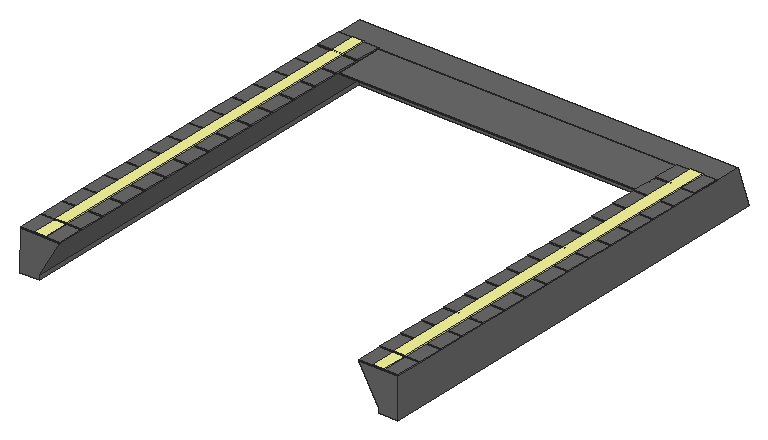
Revit family "Dock_Seal_Nova-Tech_FPH", category Generic Models, Revit 2017
Family settings
  Can host rebar = No
  Round Connector Dimension = Use Diameter
  Part Type = Normal
  OmniClass Number = 23.50.70.11
  OmniClass Title = Dock Bumpers/Seals
  Work Plane-Based = Yes
  Always vertical = No
  Cut with Voids When Loaded = No
  Shared = No
  Room Calculation Point = No
Parameters
  projectionabs [instance] = abs(Projection_Top - Projection_Bottom) / 0' 1"  # 0
  faceangle [instance] = if(Projection_Top > Projection_Bottom, atan(projectionabs / ((Unit Height + Header Height) / 0' 1")), -atan(projectionabs / ((Unit Height + Header Height) / 0' 1")))  # 0.00°
  Warranty Duration (Years) = 0
  Unit Width [instance] = (Opening Width + (Panel Width_Front * 2))  # 9' - 6"
  Unit Height [instance] = 10' - 0"
  Unit Depth [instance] = if(Projection_Top > Projection_Bottom, Projection_Top, Projection_Bottom)  # 1' - 0"
  URL = "http://www.novalocks.com/"
  Test Data = ""
  Specification = "http://arcat.com/arcatcos/cos43/arc43493.html?isac=1&r=2"
  SpecWizard = ""
  Send Message = "http://www.arcat.com/users.pl?action=UserEmail&company=Nova+Technology&coid=43493&rep=132&fax=262-502-1511&mf="
  Sales Information = "http://www.novalocks.com/general-contact-info/"
  Revision = "R1_02-2013"
  Pull Rope System for Drop Curtain [instance] = yes
  Projection_Top [instance] = 1' - 0"
  Projection_Bottom [instance] = 1' - 0"
  Product Properties = ""
  Product Data = "http://arcat.com/arcatcos/cos43/arc43493.html?isac=1&r=2"
  Pleat Sizing [instance] = Pleats : 8in Spacing
  Panel Width_Front [instance] = 1' - 0"
  Panel Width_Back [instance] = 0' - 6"
  Overall Height [instance] = Unit Height + Header Height  # 11' - 0"
  Opening Width Minimum = 6' - 6"
  Opening Width Maximum = 8' - 6"
  Opening Width [instance] = 7' - 6"
  Opening Height Minimum = 3' - 0"
  Opening Height Maximum = 12' - 0"
  Opening Height [instance] = Unit Height + Header Height  # 11' - 0"
  Model = "As Specified"
  Material = Polyethylene Sheeting - Black
  Manufacturer Website = "http://www.novalocks.com/"
  Manufacturer Phone - Toll Free = "800-236-7325"
  Manufacturer Phone = "262-502-1591"
  Manufacturer Fax = "262-502-1511"
  Manufacturer Address = "N90 W14507 Commerce Dr. Menomonee Falls, WI 53051"
  Manufacturer = "Nova Technology"
  Maintenance Schedule (Months) = 0
  Keynote = "11160"
  Installation-Fabrication = ""
  Installation Phase = ""
  Header Height [instance] = 1' - 0"
  Guide Color = Polyethylene Sheeting - Yellow
  Green Building-LEED = ""
  Full Length Guide Strip [instance] = yes
  Frame Thickness [instance] = 0' - 6"
  Flame Retardant Foam and Fabric [instance] = yes
  Expected Lifespan (Years) = 0
  Drop Curtain [instance] = yes
  Drawn By = "Sumex Design, Inc. / Robert S. Weygant, CSI, CDT, SCIP"
  Description = "Nova Technology Dock Seal as Specified"
  Default Elevation = 4' - 0"
  Curtain Drop [instance] = 1' - 3"
  Copyright = "©Arcat Inc."
  Construction Details = ""
  Building Codes = ""
  Assembly Code = "E1030300"
  Armor Pleats = yes
Reference planes (in)
  plane 1 "Base": y = 0
  plane 2 "Host": z = 0
  plane 3 "Center (Left/Right)": x = 0
  plane 4 "OH": y = 120
  plane 5 "Left": x = -45
  plane 6 "Right": x = 45
  plane 7 "Front": z = 12
  plane 8: x = -57
  plane 9: x = 57
  plane 10: x = -45
  plane 11: x = 45
  plane 12: y = 124
  plane 13: y = 126
  plane 14: y = 132
  plane 15: y = 105
  plane 16: z = 12
  plane 17: z = 12
  plane 18: x = -51
  plane 19: x = 51
Forms (in)
  Extrusion 1, void
    sketch origin (0, 0, 0) x (1, 0, 0) y (0, 0, 1)
      loop
        line (-51, 0) -> (-45, 0) -> (-45, 12) -> (-51, 1.43111) -> (-51, 0)
      loop
        line (51, 0) -> (51, 1.43111) -> (45, 12) -> (45, 0) -> (51, 0)
    from -120 to 0
  Extrusion 2, solid, material "Polyethylene Sheeting - Black" <- "Material"
    sketch origin (0, 0, 0) x (0, 1, 0) y (0, 0, 1)
      loop
        line (0, 0) -> (132, 0) -> (132, 12) -> (0, 12) -> (0, 0)
    from -57 to 57
  Extrusion 3, void
    sketch origin (0, 0, 0) x (0, 1, 0) y (0, 0, 1)
      loop
        line (120, 0) -> (120, 12) -> (0, 12) -> (0, 0) -> (120, 0)
    from -45 to 45
  Extrusion 4, solid, material "Polyethylene Sheeting - Black" <- "Material", visible <- "Drop Curtain"
    sketch origin (0, 0, 0) x (0, 1, 0) y (0, 0, 1)
      loop
        line (120, 12) -> (105, 12) -> (105, 11.80684) -> (120, 11.80684) -> (120, 12)
    from -45 to 45
  Extrusion 5, void
    sketch origin (0, 0, 0) x (0, 1, 0) y (0, 0, 1)
      loop
        line (132, 0) -> (132, 12) -> (128, 12) -> (132, 0)
    from -57 to 57
Cuts and joins
  Extrusion 1, Extrusion 3, Extrusion 5 cuts Extrusion 2
Lines and regions (in)
  reference lines
    curve 1: line (0, 0, 12) -> (0, 0, 15.45777)
Dimensions and locks (in)
  equal spacing: plane 5 "Left", plane 3 "Center (Left/Right)", plane 6 "Right"
  equal spacing: plane 8, plane 3 "Center (Left/Right)", plane 9
  "Opening Width": plane 5 "Left" to plane 6 "Right"
  "Unit Width": plane 8 to plane 9
  "Unit Height": plane 1 "Base" to plane 4 "OH"
  "Unit Depth": plane 7 "Front" to level
  locked: plane 13 to plane 12 at 2
  "Panel Width_Front": plane 8 to plane 10
  "Panel Width_Front": plane 11 to plane 9
  "Header Height": plane 14 to plane 4 "OH"
  locked: plane 12 to plane 4 "OH" at 4
  "Curtain Drop": plane 4 "OH" to plane 15
  "Projection_Top": plane 16 to level
  "Projection_Bottom": plane 17 to level
  "Panel Width_Back": Extrusion 1 sketch curve to plane 8
  locked: Extrusion 1 sketch curve to level at 1.43111  (x2)
  "Panel Width_Back": plane 9 to Extrusion 1 sketch curve
  locked: cut or joined group of Extrusion 1, Extrusion 2, Extrusion 3, Extrusion 5 to Extrusion 4 sketch curve at 0.19316
  locked: Extrusion 5 sketch curve to plane 14 at 4
  "Panel Width_Back": plane 8 to plane 18
  "Panel Width_Back": plane 19 to plane 9
  "faceangle": angle plane 4 "OH" to curve 1
  aligned and locked: plane 10 to Extrusion 1 sketch curve
  aligned and locked: plane 11 to Extrusion 1 sketch curve
  aligned and locked: plane 4 "OH" to Extrusion 1
  aligned and locked: plane 1 "Base" to Extrusion 1
  aligned and locked: plane 1 "Base" to Extrusion 2 sketch curve
  aligned and locked: Extrusion 2 sketch curve to level
  aligned and locked: plane 9 to Extrusion 2
  aligned and locked: plane 14 to Extrusion 2 sketch curve  (x2)
  aligned and locked: plane 16 to Extrusion 2 sketch curve
  aligned and locked: Extrusion 2 to plane 8
  aligned and locked: Extrusion 3 sketch curve to level
  aligned and locked: plane 4 "OH" to Extrusion 3 sketch curve
  aligned and locked: Extrusion 3 sketch curve to plane 7 "Front"
  aligned and locked: plane 1 "Base" to Extrusion 3 sketch curve
  aligned and locked: plane 11 to Extrusion 3
  aligned and locked: Extrusion 3 to plane 10
  aligned and locked: plane 9 to nested 2
  aligned and locked: plane 17 to Extrusion 2 sketch curve
  aligned and locked: plane 8 to nested 1
  aligned and locked: nested 1 to cut or joined group of Extrusion 1, Extrusion 2, Extrusion 3, Extrusion 5
  aligned and locked: plane 17 to curve 1
  aligned and locked: cut or joined group of Extrusion 1, Extrusion 2, Extrusion 3, Extrusion 5 to Extrusion 4 sketch curve
  aligned and locked: plane 4 "OH" to Extrusion 4 sketch curve
  aligned and locked: Extrusion 4 sketch curve to plane 15
  aligned and locked: plane 11 to Extrusion 4
  aligned and locked: Extrusion 4 to plane 10
  aligned and locked: Extrusion 5 sketch curve to plane 7 "Front"
  aligned and locked: plane 14 to Extrusion 5 sketch curve
  aligned and locked: plane 9 to Extrusion 5
  aligned and locked: Extrusion 5 to plane 8
  aligned and locked: plane 1 "Base" to curve 1
  aligned and locked: nested 2 to curve 1
  aligned and locked: nested 1 to curve 1
Automatic sketch dimensions
  Extrusion 1 sketch curve to level = 0' - 0"  (x2)
  Extrusion 1 sketch curve to plane 7 "Front" = 0' - 0"  (x2)
  Extrusion 5 sketch curve to level = 0' - 0"
Nested families (in)
  nested 1: "Pleats" at (-57, 0, 12), visible <- "Armor Pleats", Width <- "Panel Width_Front", Unit Height <- "Unit Height", Full Length Guide Strip <- "Full Length Guide Strip", type <- "Pleat Sizing", type "8in Spacing"
    with Width 1' - 0", Unit Height 10' - 0", Remainder 0' - 0", Pleatscount 13.9, Pleats 14, Last Pleat 0' - 8", Guide Strip Length 10' - 0", Full Length Guide Strip yes, Pleat Spacing 0' - 8"
  nested 2: "Pleats" at (57, 0, 12) x (-1, 0, 0) z (0, 0, 1), visible <- "Armor Pleats", Width <- "Panel Width_Front", Unit Height <- "Unit Height", Full Length Guide Strip <- "Full Length Guide Strip", type <- "Pleat Sizing", type "8in Spacing"
    with Width 1' - 0", Unit Height 10' - 0", Remainder 0' - 0", Pleatscount 13.9, Pleats 14, Last Pleat 0' - 8", Guide Strip Length 10' - 0", Full Length Guide Strip yes, Pleat Spacing 0' - 8"
Definition of nested family "Pleats"
  Parameters
    Width [instance] = 1' - 0"
    Unit Height [instance] = 10' - 0"
    Pleatscount [instance] = (Unit Height / Pleat Spacing) - 1.1  # 6.4
    Pleats [instance] = Pleatscount  # 6
    Pleat Spacing = 1' - 4"
    Material = none
    Remainder [instance] = Unit Height - ((Pleats + 1) * (Pleat Spacing / 0' 1")) * 0' 1"  # 0' - 8"
    Last Pleat [instance] = if(Remainder = 0' 0", Pleat Spacing, Remainder)  # 0' - 8"
    Guide Strip Length [instance] = if(Full Length Guide Strip, Unit Height, 2' 0")  # 10' - 0"
    Guide Strip = none
    Full Length Guide Strip [instance] = yes
    Default Elevation = 4' - 0"
    Assembly Code = ""
    Armor Pleats = yes
  Reference planes (in)
    plane 1 "Center (Front/Back)": y = 0
    plane 2: z = 0
    plane 3 "Center (Left/Right)": x = 0
    plane 4: x = 12
    plane 5: y = 120
    plane 6: y = 16
  Forms (in)
    Extrusion 1, solid, material <- "Material", visible <- "Armor Pleats"
      sketch origin (0, 0, 0) x (0, 1, 0) y (0, 0, 1)
        loop
          line (0, 0) -> (16, 0) -> (16, 0.25) -> (0, 0.25) -> (0, 0)
      from 0 to 12
    Extrusion 2, solid, material <- "Material", visible <- "Armor Pleats"
      sketch origin (0, 0, 0) x (0, 1, 0) y (0, 0, 1)
        loop
          line (112, 0) -> (120, 0) -> (120, 0.25) -> (112, 0.5) -> (112, 0)
      from 0 to 12
    Extrusion 3, solid, material <- "Guide Strip"
      sketch origin (0, 0, 0) x (0, 1, 0) y (0, 0, 1)
        loop
          line (0, 0.25) -> (120, 0.25) -> (120, 0.56422) -> (15.875, 0.56422) -> (15.875, 0.375) -> (0, 0.375) -> (0, 0.25)
      from 4.25 to 7.75
  Lines and regions (in)
    model lines
      curve 1: line (0, 0, 0) -> (0, 0, 0.25)
      curve 2: line (0, 0, 0) -> (0, 9, 0)
  Dimensions and locks (in)
    "Width": plane 3 "Center (Left/Right)" to plane 4
    equal spacing: group 1, group 2, group 3, group 4, group 5, group 6  (x3)
    "Pleat Spacing": plane 1 "Center (Front/Back)" to Extrusion 1 sketch curve
    "Unit Height": plane 1 "Center (Front/Back)" to plane 5
    "Last Pleat": Extrusion 2 sketch curve to plane 5
    "Pleat Spacing": nested 1 to nested 2
    "Pleat Spacing": plane 1 "Center (Front/Back)" to nested 1
    "Pleat Spacing": plane 1 "Center (Front/Back)" to plane 6
    locked: Extrusion 3 sketch curve to plane 6 at 0.125
    Extrusion 3 to Extrusion 3 to plane 4 = 0' - 3 1/2" locked, 0' - 4 1/4" locked
    "Guide Strip Length": plane 1 "Center (Front/Back)" to Extrusion 3 sketch curve
    aligned and locked: plane 3 "Center (Left/Right)" to nested 1
    aligned and locked: plane 4 to nested 1
    aligned and locked: plane 3 "Center (Left/Right)" to nested 2
    aligned and locked: plane 4 to nested 2
    aligned and locked: Extrusion 1 to plane 4
    aligned and locked: plane 5 to Extrusion 2 sketch curve
    aligned and locked: plane 4 to Extrusion 2
    aligned and locked: Extrusion 2 to plane 3 "Center (Left/Right)"
  Automatic sketch dimensions
    curve 1 to plane 1 "Center (Front/Back)" = 0' - 0"
    curve 2 to level = 0' - 0"
    curve 1 to curve 2 = 0' - 9"
    curve 1 to curve 1 = 0' - 0 1/4"
    Extrusion 1 sketch curve to level = 0' - 0"
    level to Extrusion 1 sketch curve = 0' - 0 1/4"
    Extrusion 1 sketch curve to plane 1 "Center (Front/Back)" = 0' - 0"
    Extrusion 2 sketch curve to level = 0' - 0"
    level to Extrusion 2 sketch curve = 0' - 0 1/4"
    level to Extrusion 2 sketch curve = 0' - 0 1/2"
    Extrusion 3 sketch curve to plane 1 "Center (Front/Back)" = 0' - 0"
    level to Extrusion 3 sketch curve = 0' - 0.56422"
    Extrusion 3 sketch curve to Extrusion 3 sketch curve = 0' - 0.18922"
    Extrusion 3 sketch curve to Extrusion 3 sketch curve = 0' - 0 1/8"
  Nested families (in)
    nested 1: "Pleat" at (0, 16, 0), Width <- "Width", visible <- "Armor Pleats", Mat <- "Material", Pleat Spacing <- "Pleat Spacing", type "Pleat"
      with Width 1' - 0", Pleat Spacing 1' - 4", Mat none
    nested 2: "Pleat" at (0, 32, 0), Width <- "Width", visible <- "Armor Pleats", Mat <- "Material", Pleat Spacing <- "Pleat Spacing", type "Pleat"
      with Width 1' - 0", Pleat Spacing 1' - 4", Mat none
    nested 3: "Pleat" at (0, 48, 0), Width <- "Width", visible <- "Armor Pleats", Mat <- "Material", Pleat Spacing <- "Pleat Spacing", type "Pleat"
      with Width 1' - 0", Pleat Spacing 1' - 4", Mat none
    nested 4: "Pleat" at (0, 64, 0), Width <- "Width", visible <- "Armor Pleats", Mat <- "Material", Pleat Spacing <- "Pleat Spacing", type "Pleat"
      with Width 1' - 0", Pleat Spacing 1' - 4", Mat none
    nested 5: "Pleat" at (0, 80, 0), Width <- "Width", visible <- "Armor Pleats", Mat <- "Material", Pleat Spacing <- "Pleat Spacing", type "Pleat"
      with Width 1' - 0", Pleat Spacing 1' - 4", Mat none
    nested 6: "Pleat" at (0, 96, 0), Width <- "Width", visible <- "Armor Pleats", Mat <- "Material", Pleat Spacing <- "Pleat Spacing", type "Pleat"
      with Width 1' - 0", Pleat Spacing 1' - 4", Mat none
  Definition of nested family "Pleat"
    Parameters
      Width [instance] = 1' - 0"
      Pleat Spacing [instance] = 0' - 8"
      Mat [instance] = none
      Armor Pleats = yes
    Reference planes (in)
      plane 1 "Center (Front/Back)": y = 0
      plane 2: z = 0
      plane 3 "Center (Left/Right)": x = 0
      plane 4: x = 12
    Forms (in)
      Extrusion 1, solid, material <- "Mat"
        sketch origin (0, -9, 0) x (0, 1, 0) y (0, 0, 1)
          loop
            line (9, 0) -> (17, 0) -> (17, 0.21875) -> (9, 0.4375) -> (9, 0)
        from 0 to 12
    Dimensions and locks (in)
      "Width": plane 3 "Center (Left/Right)" to plane 4
      "Pleat Spacing": Extrusion 1 sketch curve to Extrusion 1 sketch curve
      aligned and locked: Extrusion 1 to plane 4
      aligned and locked: Extrusion 1 to plane 3 "Center (Left/Right)"
    Automatic sketch dimensions
      Extrusion 1 sketch curve to plane 1 "Center (Front/Back)" = 0' - 0"
      Extrusion 1 sketch curve to level = 0' - 0"
      Extrusion 1 sketch curve to Extrusion 1 sketch curve = 0' - 0 7/16"
      level to Extrusion 1 sketch curve = 0' - 0 7/32"
